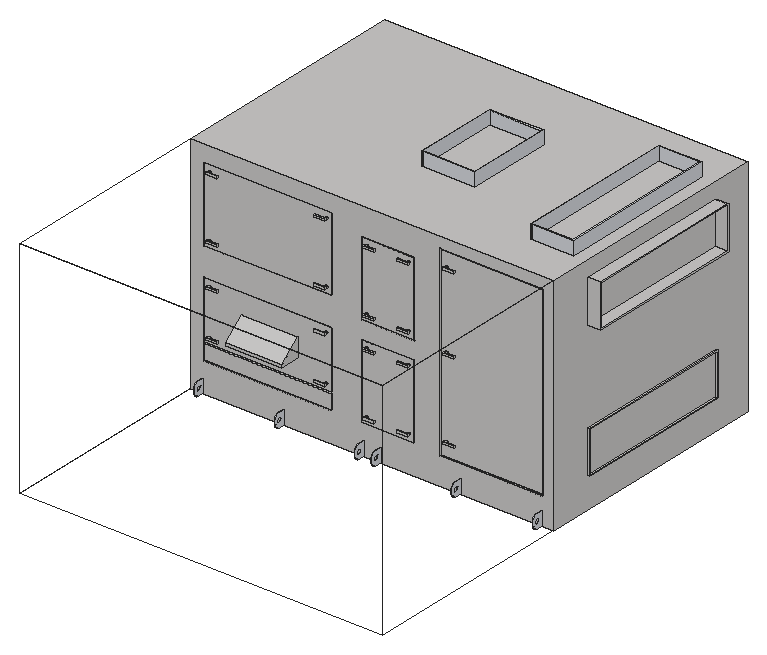
Revit family "DN-5XIN-EH-1FP", category Mechanical Equipment, Revit 2019
Family settings
  Round Connector Dimension = Use Diameter
  Part Type = Normal
  Work Plane-Based = No
  Always vertical = Yes
  Cut with Voids When Loaded = No
  Shared = No
  Room Calculation Point = No
Parameters (values of type "4@2.70 kW 200-240V")
  Voltage = "200-240V"
  Unit Weight Range = "3550-4200 lbs."
  Unit Dimensions (L x W x H) = "142-3/8\" x 103-3/4\" x  88-7/8\""
  Unit = Renewaire - Galvanized Steel
  URL = "www.renewaire.com"
  Typical Airflow Range = "1,125-4,950 CFM"
  Standard Features = "EC Motors for both airstreams, Direct drive backward inclined plenum, Higher ESP of up to 3\" w.g. at 4,500 CFM, Integrated programmable controls, True 100% face and bypass enthalpy based modulating economizer, Class 1 low leakage motorized isolation dampers, Stainless steel double-sloped drain pan with cooling option, 1\" Double wall foam injected 20 gauge galvanized panel construction with R6.5 insulation"
  Shipping Dimensions (L x W x H) = "160\" x 101-1/2\" x 94\""
  Service Area Visibility = yes
  Service Area Box = Renewaire - Interference
  Revit Object Download Link = ""
  Phase = "3"
  Options = "Heat pump, Modulating hot gas reheat, Steam or hot water coil, gas heat module or electric heater, Onboard variable frequency drives (VFDs) - both airstreams, Fused disconnect, Spring isolators (VFDs only), 2\" Double wall foam injected 20 gauge galvanized panel construction with R13 insulation, Exterior paint - grey, white, custom color, BACNET factory activation, GFCI convenience outlet, Recirculation damper, Drain overflow switch, Electrofin coating for coils"
  Number Motors = "Qty. 4, Direct drive motorized impeller packages"
  Model = "DN-5XIN-1FP-EH"
  Minimum Circuit Amps = "36.6 A"
  Maximum Overcurrent Protection = "45 A"
  Max. Shipping Weight = "3800-4450 lbs."
  Manufacturer = "Renewaire LLC"
  Inlets/Outlets [instance] = "OA & RA Inlets: 60\" x 16\", SA Outlet: 24\" x 16\", EA Outlet: 20\" x 32\""
  Frequency = "50/60 Hz"
  Filters [instance] = "Total qty. 10, MERV 8: 16\" x 20\" x 2\""
  FLA per Motor = "8.6-7.2"
  Energy Recovery Type = "Static plate total energy transfer"
  Description = "Energy Recovery Ventilator"
  Bypass Filters [instance] = "Total qty. 4, MERV 8: 16\" x 20\" x 2\""
  Accessories = "Filters - MERV 13, 2\"  and 4\" (shipped loose), MERV 14, 2\" and 4\" (shipped loose), Additional filters available upon request, Duct mounted electric pre-heater (separately powered), Carbon dioxide sensor/control - wall mount (CO2-W), duct mount (CO2-D), IAQ sensor - wall mount (IAQ-W), duct mount (IAQ-D), Motion occupancy sensor/control - ceiling mount (MC-C), wall mount (MC-W), Smoke detector, Room temperature and humidity sensor, Duct static pressure sensor with display to 10\", without display 0-2\", Room pressure sensor with display to 1\", without display 0-1\", Waterless trap negative pressure, Waterless trap positive pressure, Remote display"
  AHRI 1060 Certified Core = "One L-62-G5 and four L-125-G5"
Types (6): name | Voltage | Minimum Circuit Amps | Maximum Overcurrent Protection | FLA per Motor
  (no name) | "200-240V" | "36.6 A" | "45 A" | "8.6-7.2"
  4@2.70 kW 200-240V | "200-240V" | "36.6 A" | "45 A" | "8.6-7.2"
  4@3.70 kW 380-480V | "380-480 V" | "25.5 A" | "30 A" | "6.0-4.6"
  4@5HP 208-230V | "208-230 V" | "59.1 A" | "70 A" | "13.9-13.4/6.7"
  4@5HP 460V | "460 V" | "28.5 A" | "35 A" | "6.7"
  4@5HP 575V | "575 V" | "22.5 A" | "25 A" | "5.3"
Reference planes (in)
  plane 1 "Center (Front/Back)": y = 0
  plane 2: z = 0
  plane 3 "Center (Left/Right)": x = 0
Forms (in)
  Extrusion 1, solid, material "Renewaire - Galvanized Steel" <- "Unit"
    sketch origin (0, 0, 0) x (1, 0, 0) y (0, 1, 0)
      loop
        line (-136.25, 45.5) -> (-136.25, -45.5) -> (0, -45.5) -> (0, 45.5) -> (-136.25, 45.5)
    from 0 to 84
  Extrusion 2, void
    sketch origin (0, 0, 0) x (1, 0, 0) y (0, 0, 1)
      loop
        line (-131.1105, 77.85524) -> (-131.1105, 49.85524) -> (-83.13916, 49.85524) -> (-83.13916, 77.85524) -> (-131.1105, 77.85524)
      loop
        line (-72.14754, 73.82399) -> (-72.14754, 45.824) -> (-52.14754, 45.824) -> (-52.14754, 73.82399) -> (-72.14754, 73.82399)
      loop
        line (-42.6125, 80.324) -> (-42.6125, 10.324) -> (-3.61251, 10.324) -> (-3.61251, 80.324) -> (-42.6125, 80.324)
      loop
        line (-72.14754, 39.32399) -> (-72.14754, 11.32399) -> (-52.14754, 11.32399) -> (-52.14754, 39.32399) -> (-72.14754, 39.32399)
      loop
        line (-131.1105, 39.32399) -> (-131.1105, 11.32399) -> (-83.11052, 11.32399) -> (-83.11052, 39.32399) -> (-131.1105, 39.32399)
    from 44.5 to 47.07986
  Extrusion 3, void
    sketch origin (0, 0, 0) x (1, 0, 0) y (0, 1, 0)
      loop
        line (-134.25, 43.5) -> (-134.25, -43.5) -> (-2, -43.5) -> (-2, 43.5) -> (-134.25, 43.5)
    from -3 to 5
  Extrusion 4, void
    sketch origin (0, 0, 0) x (1, 0, 0) y (0, 1, 0)
      loop
        line (-129.21875, 12.11675) -> (-129.21875, -11.88325) -> (-113.21875, -11.88325) -> (-113.21875, 12.11675) -> (-129.21875, 12.11675)
      loop
        line (-22.8665, 30.11677) -> (-22.8665, -29.88323) -> (-6.8665, -29.88323) -> (-6.8665, 30.11677) -> (-22.8665, 30.11677)
    from 4.75 to 5.0625
  Extrusion 5, solid, material "Renewaire - Galvanized Steel" <- "Unit"
    sketch origin (0, 0, 0) x (0, 1, 0) y (0, 0, 1)
      loop
        line (12.11677, 31.05846) -> (-11.88323, 31.05846) -> (-11.88323, 15.05845) -> (12.11677, 15.05845) -> (12.11677, 31.05846)
      loop
        line (11.99177, 30.93346) -> (-11.75823, 30.93346) -> (-11.75823, 15.18345) -> (11.99177, 15.18345) -> (11.99177, 30.93346)
    from -137.25 to -136.25
  Extrusion 6, solid, material "Renewaire - Galvanized Steel" <- "Unit"
    sketch origin (0, 0, 0) x (0, 1, 0) y (0, 0, 1)
      loop
        line (-29.87714, 28.04274) -> (-29.87714, 12.04274) -> (30.12286, 12.04274) -> (30.12286, 28.04274) -> (-29.87714, 28.04274)
      loop
        line (-29.75214, 27.91774) -> (-29.75214, 12.16774) -> (29.99786, 12.16774) -> (29.99786, 27.91774) -> (-29.75214, 27.91774)
    from 0 to 1
  Extrusion 7, solid, material "Renewaire - Galvanized Steel" <- "Unit"
    sketch origin (0, 0, 0) x (0, 1, 0) y (0, 0, 1)
      loop
        line (-29.88324, 78.57708) -> (-29.88324, 62.57708) -> (30.11676, 62.57708) -> (30.11676, 78.57708) -> (-29.88324, 78.57708)
      loop
        line (-29.75824, 78.45208) -> (-29.75824, 62.70208) -> (29.99176, 62.70208) -> (29.99176, 78.45208) -> (-29.75824, 78.45208)
    from 0 to 5
  Extrusion 8, solid, material "Renewaire - Galvanized Steel" <- "Unit"
    sketch origin (0, 0, 0) x (1, 0, 0) y (0, 0, 1)
      loop
        line (-54.12572, 77.83887) -> (-72.14754, 77.83887) -> (-72.14754, 47.80251) -> (-54.12572, 47.80251) -> (-54.12572, 77.83887)
      loop
        line (-54.25072, 77.71387) -> (-72.02254, 77.71387) -> (-72.02254, 47.92751) -> (-54.25072, 47.92751) -> (-54.25072, 77.71387)
    from -50.5 to -45.5
  Extrusion 9, solid, material "Renewaire - Galvanized Steel" <- "Unit"
    sketch origin (0, 0, 0) x (1, 0, 0) y (0, 0, 1)
      loop
        line (-130.923, 77.65525) -> (-130.923, 50.05524) -> (-83.32299, 50.05524) -> (-83.32299, 77.65525) -> (-130.923, 77.65525)
      loop
        line (-130.923, 39.10345) -> (-130.923, 17.50344) -> (-83.32299, 17.50344) -> (-83.32299, 39.10345) -> (-130.923, 39.10345)
      loop
        line (-130.923, 17.05095) -> (-130.923, 11.45095) -> (-83.32299, 11.45095) -> (-83.32299, 17.05095) -> (-130.923, 17.05095)
      loop
        line (-71.94753, 73.62401) -> (-71.94753, 46.024) -> (-52.34756, 46.024) -> (-52.34756, 73.62401) -> (-71.94753, 73.62401)
      loop
        line (-71.94754, 39.124) -> (-71.94754, 11.434) -> (-52.34753, 11.434) -> (-52.34753, 39.124) -> (-71.94754, 39.124)
      loop
        line (-41.95871, 10.97626) -> (-4.26607, 10.97626) -> (-4.26607, 79.67027) -> (-41.95871, 79.67027) -> (-41.95871, 10.97626)
    from 44.5 to 45.5
  Extrusion 10, solid, material "Renewaire - Interference" <- "Service Area Box", visible <- "Service Area Visibility"
    sketch origin (0, 0, 0) x (1, 0, 0) y (0, 1, 0)
      loop
        line (-136.25, -45.5) -> (-136.25, -125.5) -> (0, -125.5) -> (0, -45.5) -> (-136.25, -45.5)
    from 0 to 84
  Extrusion 11, solid
    sketch origin (0, 0, 0) x (1, 0, 0) y (0, 1, 0)
      loop
        line (-73.14753, 16.11676) -> (-73.14753, -15.88324) -> (-53.14754, -15.88324) -> (-53.14754, 16.11676) -> (-73.14753, 16.11676)
      loop
        line (-21.11249, 30.11679) -> (-21.11249, -29.88322) -> (-5.11252, -29.88322) -> (-5.11252, 30.11679) -> (-21.11249, 30.11679)
      loop
        line (-5.36252, 29.86679) -> (-20.86249, 29.86679) -> (-20.86249, -29.63322) -> (-5.36252, -29.63322) -> (-5.36252, 29.86679)
      loop
        line (-53.39754, 15.86676) -> (-72.89753, 15.86676) -> (-72.89753, -15.63324) -> (-53.39754, -15.63324) -> (-53.39754, 15.86676)
    from 84 to 89
  Extrusion 12, solid, material "Renewaire - Galvanized Steel" <- "Unit"
    sketch origin (0, 0, 0) x (0, 1, 0) y (0, 0, 1)
      loop
        circle (-18.32013, 27.20513) r 2.5
      loop
        circle (-18.32013, 27.20513) r 2.25
    from -137.25 to -136.25
  Extrusion 13, solid, material "Renewaire - Galvanized Steel" <- "Unit"
    sketch origin (1, 0, 0) x (0, 1, 0) y (0, 0, 1)
      loop
        line (-45.5, 31.62254) -> (-53.1831, 25.61984) -> (-53.1831, 24.44788) -> (-45.5, 24.44788) -> (-45.5, 31.62254)
    from -118 to -97
Cuts and joins
  Extrusion 2, Extrusion 3, Extrusion 4 cuts Extrusion 1
Dimensions and locks (in)
  aligned and locked: plane 2 to level
Nested families (in)
  nested 1: "Handle" at (-40.11251, -45.5, 16), type "Handle"
    with Right Handle yes, Left Handle no, Flip no
  nested 2: "Handle" at (-40.11251, -45.5, 74.67027), type "Handle"
    with Right Handle yes, Left Handle no, Flip no
  nested 3: "Handle" at (-40.11251, -45.5, 46), type "Handle"
    with Right Handle yes, Left Handle no, Flip no
  nested 4: "Handle" at (-70.07253, -45.5, 71.37401), type "Handle"
    with Right Handle yes, Left Handle no, Flip no
  nested 5: "Handle" at (-70.07253, -45.5, 48.274), type "Handle"
    with Right Handle yes, Left Handle no, Flip no
  nested 6: "Handle" at (-54.22256, -45.5, 71.37401), type "Handle"
    with Right Handle no, Left Handle yes, Flip yes
  nested 7: "Handle" at (-54.22256, -45.5, 48.274), type "Handle"
    with Right Handle no, Left Handle yes, Flip yes
  nested 8: "Handle" at (-70.07253, -45.5, 36.87401), type "Handle"
    with Right Handle yes, Left Handle no, Flip no
  nested 9: "Handle" at (-70.07253, -45.5, 13.77401), type "Handle"
    with Right Handle yes, Left Handle no, Flip no
  nested 10: "Handle" at (-54.22256, -45.5, 36.87401), type "Handle"
    with Right Handle no, Left Handle yes, Flip yes
  nested 11: "Handle" at (-54.22256, -45.5, 13.77401), type "Handle"
    with Right Handle no, Left Handle yes, Flip yes
  nested 12: "Handle" at (-129.048, -45.5, 75.40525), type "Handle"
    with Right Handle yes, Left Handle no, Flip no
  nested 13: "Handle" at (-129.048, -45.5, 52.30524), type "Handle"
    with Right Handle yes, Left Handle no, Flip no
  nested 14: "Handle" at (-85.22667, -45.5, 75.40525), type "Handle"
    with Right Handle no, Left Handle yes, Flip yes
  nested 15: "Handle" at (-85.22667, -45.5, 52.30524), type "Handle"
    with Right Handle no, Left Handle yes, Flip yes
  nested 16: "Handle" at (-129.048, -45.5, 36.87401), type "Handle"
    with Right Handle yes, Left Handle no, Flip no
  nested 17: "Handle" at (-129.048, -45.5, 19.75344), type "Handle"
    with Right Handle yes, Left Handle no, Flip no
  nested 18: "Handle" at (-85.22667, -45.5, 36.87401), type "Handle"
    with Right Handle no, Left Handle yes, Flip yes
  nested 19: "Handle" at (-85.22667, -45.5, 19.75344), type "Handle"
    with Right Handle no, Left Handle yes, Flip yes
  nested 20: "Lifting Lug" at (-131.5, -45.5, 0) x (0, -1, 0) z (0, 0, 1), type "Lifting Lug"
  nested 21: "Lifting Lug" at (-4.5, -45.5, 0) x (0, -1, 0) z (0, 0, 1), type "Lifting Lug"
  nested 22: "Lifting Lug" at (-131.5, 45.5, 0) x (0, 1, 0) z (0, 0, 1), type "Lifting Lug"
  nested 23: "Lifting Lug" at (-4.5, 45.5, 0) x (0, 1, 0) z (0, 0, 1), type "Lifting Lug"
  nested 24: "Lifting Lug" at (-101.25, -45.5, 0) x (0, -1, 0) z (0, 0, 1), type "Lifting Lug"
  nested 25: "Lifting Lug" at (-101.25, 45.5, 0) x (0, 1, 0) z (0, 0, 1), type "Lifting Lug"
  nested 26: "Lifting Lug" at (-35, -45.5, 0) x (0, -1, 0) z (0, 0, 1), type "Lifting Lug"
  nested 27: "Lifting Lug" at (-35, 45.5, 0) x (0, 1, 0) z (0, 0, 1), type "Lifting Lug"
  nested 28: "Lifting Lug1" at (-71.25, 45.5, 0) x (0, 1, 0) z (0, 0, 1), Material <- "Unit", type "Lifting Lug 2"
    with Material Renewaire - Galvanized Steel
  nested 29: "Lifting Lug1" at (-65, 45.5, 0) x (0, 1, 0) z (0, 0, 1), Material <- "Unit", type "Lifting Lug 2"
    with Material Renewaire - Galvanized Steel
  nested 30: "Lifting Lug1" at (-71.25, -45.5, 0) x (0, -1, 0) z (0, 0, 1), Material <- "Unit", type "Lifting Lug 2"
    with Material Renewaire - Galvanized Steel
  nested 31: "Lifting Lug1" at (-65, -45.5, 0) x (0, -1, 0) z (0, 0, 1), Material <- "Unit", type "Lifting Lug 2"
    with Material Renewaire - Galvanized Steel
Connectors (in)
  hvac at (1, 0.12286, 20.04274)
    settings: on Extrusion 6, index 1, duct flow 0 CFM, flow factor 0, pres drop 0.00 in-wg, loss coef 0, conn angle 0.00°, conn width 60", conn height 16", conn diameter 24", duct sys type 2, conn prof type 1, flow config 0, flow direction 1, loss method 0, conn ref index -1, conn util no, is conn primary yes, conn desc "Return Air (RA)"
  hvac at (5, 0.11676, 70.57708)
    settings: on Extrusion 7, index 2, duct flow 0 CFM, flow factor 0, pres drop 0.00 in-wg, loss coef 0, conn angle 0.00°, conn width 60", conn height 16", conn diameter 24", duct sys type 4, conn prof type 1, flow config 0, flow direction 1, loss method 0, conn ref index -1, conn util no, is conn primary no, conn desc "Outside Air (OA)"
  hvac at (-63.13663, 50.5, 62.82069)
    settings: on Extrusion 8, index 5, duct flow 0 CFM, flow factor 0, pres drop 0.00 in-wg, loss coef 0, conn angle 0.00°, conn width 18", conn height 30", conn diameter 24", duct sys type 3, conn prof type 1, flow config 0, flow direction 2, loss method 0, conn ref index -1, conn util no, is conn primary no, conn desc "Exhaust Air (EA)"
  hvac at (-137.25, 0.11677, 23.05845)
    settings: on Extrusion 5, index 6, duct flow 0 CFM, flow factor 0, pres drop 0.00 in-wg, loss coef 0, conn angle 0.00°, conn width 24", conn height 16", conn diameter 24", duct sys type 1, conn prof type 1, flow config 0, flow direction 2, loss method 0, conn ref index -1, conn util no, is conn primary no, conn desc "Supply Air (SA)"
  hvac at (-121.21875, 0.11675, 5)
    settings: on cut or joined group of Extrusion 1, Extrusion 2, Extrusion 3, Extrusion 4, index 9, duct flow 0 CFM, flow factor 0, pres drop 0.00 in-wg, loss coef 0, conn angle 0.00°, conn width 24", conn height 16", conn diameter 24", duct sys type 1, conn prof type 1, flow config 0, flow direction 2, loss method 0, conn ref index -1, conn util no, is conn primary no, conn desc "Supply Air (SA)"
  hvac at (-63.14754, 0.11676, 89)
    settings: on Extrusion 11, index 10, duct flow 0 CFM, flow factor 0, pres drop 0.00 in-wg, loss coef 0, conn angle 0.00°, conn width 20", conn height 32", conn diameter 24", duct sys type 3, conn prof type 1, flow config 0, flow direction 2, loss method 0, conn ref index -1, conn util no, is conn primary no, conn desc "Exhaust Air (EA)"
  hvac at (-13.1125, 0.11678, 89)
    settings: on Extrusion 11, index 11, duct flow 0 CFM, flow factor 0, pres drop 0.00 in-wg, loss coef 0, conn angle 0.00°, conn width 16", conn height 60", conn diameter 24", duct sys type 4, conn prof type 1, flow config 0, flow direction 1, loss method 0, conn ref index -1, conn util no, is conn primary no, conn desc "Outside Air (OA)"
  hvac at (-14.8665, 0.11677, 5)
    settings: on cut or joined group of Extrusion 1, Extrusion 2, Extrusion 3, Extrusion 4, index 12, duct flow 0 CFM, flow factor 0, pres drop 0.00 in-wg, loss coef 0, conn angle 0.00°, conn width 60", conn height 16", conn diameter 24", duct sys type 2, conn prof type 1, flow config 0, flow direction 1, loss method 0, conn ref index -1, conn util no, is conn primary no, conn desc "Return Air (RA)"
Definition of nested family "Handle"
  Parameters (values of type "Handle")
    Right Handle [instance] = not(Flip)  # no
    Material = none
    Left Handle [instance] = Flip  # yes
    Flip [instance] = yes
  Reference planes (in)
    plane 1 "Center (Front/Back)": y = 0
    plane 2: z = 0
    plane 3 "Center (Left/Right)": x = 0
  Forms (in)
    Extrusion 1, solid, material <- "Material"
      sketch origin (0, 0, 0) x (1, 0, 0) y (0, 0, 1)
        loop
          circle (0, 0) r 0.375
      from 0 to 0.75
    Extrusion 2, solid, material <- "Material", visible <- "Right Handle"
      sketch origin (0, 0, 0) x (1, 0, 0) y (0, 1, 0)
        loop
          line (-0.375, -0.75) -> (-0.375, -1.25) -> (3.625, -1.25) -> (3.625, -0.75) -> (-0.375, -0.75)
      from -0.375 to 0.375
    Extrusion 3, solid, material <- "Material", visible <- "Left Handle"
      sketch origin (-3.25, 0, 0) x (1, 0, 0) y (0, 1, 0)
        loop
          line (-0.375, -0.75) -> (-0.375, -1.25) -> (3.625, -1.25) -> (3.625, -0.75) -> (-0.375, -0.75)
      from -0.375 to 0.375
  Dimensions and locks (in)
    aligned and locked: plane 2 to level
Definition of nested family "Lifting Lug"
  Parameters (values of type "Lifting Lug")
    Material = none
  Reference planes (in)
    plane 1 "Center (Front/Back)": y = 0
    plane 2: z = 0
    plane 3 "Center (Left/Right)": x = 0
  Forms (in)
    Extrusion 1, solid
      sketch origin (0, 0, 0) x (1, 0, 0) y (0, 0, 1)
        loop
          line (0, 0.1875) -> (2, 0.1875)
          arc (2, 0.1875) -> (3.41421, 0.77329) -> (4, 2.1875) r 2
          line (4, 2.1875) -> (4, 3.1875)
          arc (4, 3.1875) -> (3.41421, 4.60171) -> (2, 5.1875) r 2
          line (2, 5.1875) -> (0, 5.1875) -> (0, 0.1875)
        loop
          circle (2.125, 2.6875) r 1
      from 0 to 0.25
  Dimensions and locks (in)
    aligned and locked: plane 2 to level
Definition of nested family "Lifting Lug1"
  Parameters (values of type "Lifting Lug")
    Material [instance] = none
  Reference planes (in)
    plane 1 "Center (Front/Back)": y = 0
    plane 2: z = 0
    plane 3 "Center (Left/Right)": x = 0
  Forms (in)
    Extrusion 1, solid
      sketch origin (0, 0, 0) x (1, 0, 0) y (0, 0, 1)
        loop
          line (0, 0.1875) -> (2, 0.1875)
          arc (2, 0.1875) -> (3.41421, 0.77329) -> (4, 2.1875) r 2
          line (4, 2.1875) -> (4, 3.1875)
          arc (4, 3.1875) -> (3.41421, 4.60171) -> (2, 5.1875) r 2
          line (2, 5.1875) -> (0, 5.1875) -> (0, 0.1875)
        loop
          circle (2.125, 2.6875) r 1
      from 0 to 0.25
  Dimensions and locks (in)
    aligned and locked: plane 2 to level
